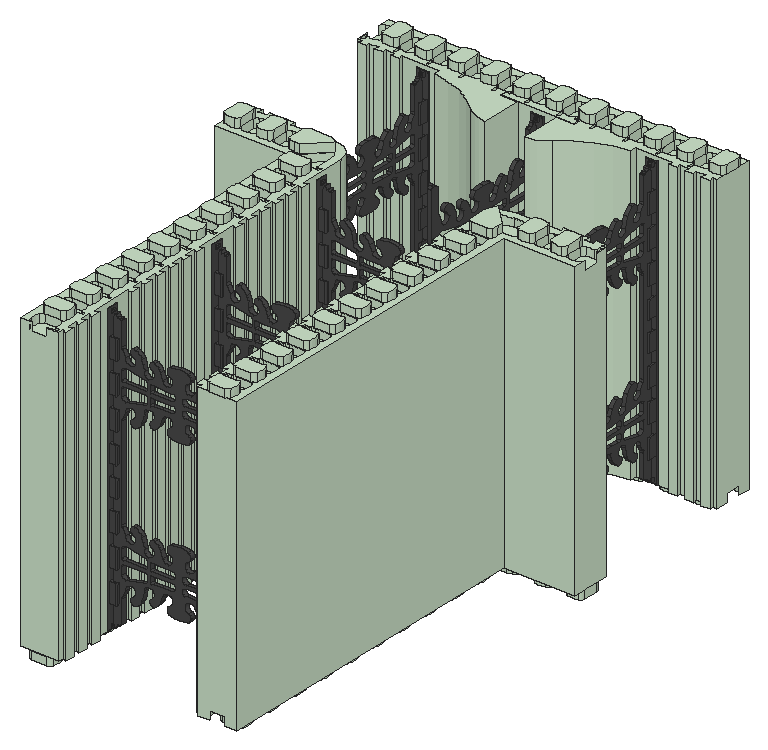
Revit family "ICF- NUDURA 8-inch- Long T Form Unit- Imperial", category Generic Models, Revit 2011
Reference planes (in)
  plane 1 "Center (Front/Back)": y = -1
  plane 2: z = 0
  plane 3 "Center (Left/Right)": x = 1
  plane 4: y = 3
  plane 5: y = -5
  plane 6: x = 5
  plane 7: x = -3
  plane 8: z = 18
Forms (in)
  Extrusion 1, solid, material "NUDURA Expanded Polystyrene Foam Insulation"
    sketch origin (0, 0, 0) x (1, 0, 0) y (0, 1, 0)
      loop
        line (-10, 5.625) -> (-10, 3.25) -> (-9.71883, 3.25) -> (-9.78117, 3) -> (-9.21883, 3) -> (-9.28117, 3.25) -> (-8.71883, 3.25) -> (-8.78117, 3) -> (-8.21883, 3) -> (-8.28117, 3.25) -> (-7.71883, 3.25) -> (-7.78117, 3) -> (-7.21883, 3) -> (-7.28117, 3.25) -> (-5, 3.25) -> (-5, 2.875)
        arc (-5, 2.875) -> (-3.12304, 2.37468) -> (-1.50918, 1.29358) r 5.91797
        arc (-1.50918, 1.29358) -> (-0.91296, 0.90605) -> (-0.21883, 0.75162) r 2
        line (-0.21883, 0.75162) -> (-0.21883, 3.25) -> (-1.25, 3.25) -> (-1.25, 3.69867) -> (-1, 3.63633) -> (-1, 4.24332) -> (-1.25, 4.17633) -> (-1.25, 4.69867) -> (-1, 4.63633) -> (-1, 5.24332) -> (-1.25, 5.17633) -> (-1.25, 5.625) -> (-10, 5.625)
      loop
        line (12, 3.25) -> (12, 5.625) -> (3.25, 5.625) -> (3.25, 5.17633) -> (3, 5.24332) -> (3, 4.63633) -> (3.25, 4.69867) -> (3.25, 4.17633) -> (3, 4.24332) -> (3, 3.63633) -> (3.25, 3.69867) -> (3.25, 3.25) -> (2.21883, 3.25) -> (2.21883, 0.75162)
        arc (2.21883, 0.75162) -> (2.91296, 0.90605) -> (3.50918, 1.29358) r 2
        arc (3.50918, 1.29358) -> (5.12304, 2.37468) -> (7, 2.875) r 5.91797
        line (7, 2.875) -> (7, 3.25) -> (9.28117, 3.25) -> (9.21883, 3) -> (9.78117, 3) -> (9.71883, 3.25) -> (10.28117, 3.25) -> (10.21883, 3) -> (10.78117, 3) -> (10.71883, 3.25) -> (11.28117, 3.25) -> (11.21883, 3) -> (11.78117, 3) -> (11.71883, 3.25) -> (12, 3.25)
      loop
        line (-3.25, -27.99998) -> (-3.25, -27.71882) -> (-3, -27.78115) -> (-3, -27.21882) -> (-3.25, -27.28115) -> (-3.25, -26.71882) -> (-3, -26.78115) -> (-3, -26.21882) -> (-3.25, -26.28115) -> (-3.25, -25.71882) -> (-3, -25.78115) -> (-3, -25.21882) -> (-3.25, -25.28115) -> (-3.25, -22.71882) -> (-3, -22.78115) -> (-3, -22.21882) -> (-3.25, -22.28115) -> (-3.25, -21.71882) -> (-3, -21.78115) -> (-3, -21.21882) -> (-3.25, -21.28115) -> (-3.25, -20.71882) -> (-3, -20.78115) -> (-3, -20.21882) -> (-3.25, -20.28115) -> (-3.25, -19.71882) -> (-3, -19.78115) -> (-3, -19.21882) -> (-3.25, -19.28115) -> (-3.25, -18.71882) -> (-3, -18.78115) -> (-3, -18.21882) -> (-3.25, -18.28115) -> (-3.25, -17.71882) -> (-3, -17.78115) -> (-3, -17.21882) -> (-3.25, -17.28115) -> (-3.25, -14.71882) -> (-3, -14.78115) -> (-3, -14.21882) -> (-3.25, -14.28115) -> (-3.25, -13.71882) -> (-3, -13.78115) -> (-3, -13.21882) -> (-3.25, -13.28115) -> (-3.25, -12.71882) -> (-3, -12.78115) -> (-3, -12.21882) -> (-3.25, -12.28115) -> (-3.25, -11.71882) -> (-3, -11.78115) -> (-3, -11.21882) -> (-3.25, -11.28115) -> (-3.25, -10.71882) -> (-3, -10.78115) -> (-3, -10.21882) -> (-3.25, -10.28115) -> (-3.25, -9.71882) -> (-3, -9.78115) -> (-3, -9.21882) -> (-3.25, -9.28115) -> (-3.25, -6.49998)
        arc (-3.25, -6.49998) -> (-3.61612, -5.6161) -> (-4.5, -5.24998) r 1.25
        line (-4.5, -5.24998) -> (-7.28117, -5.24998) -> (-7.21883, -4.99998) -> (-7.78117, -4.99998) -> (-7.71883, -5.24998) -> (-8.28117, -5.24998) -> (-8.21883, -4.99998) -> (-8.78117, -4.99998) -> (-8.71883, -5.24998) -> (-9.28117, -5.24998) -> (-9.21883, -4.99998) -> (-9.78117, -4.99998) -> (-9.71883, -5.24998) -> (-10, -5.24998) -> (-10, -7.62498) -> (-5.625, -7.62498) -> (-5.625, -27.99998) -> (-3.25, -27.99998)
      loop
        line (5.25, -27.99998) -> (7.625, -27.99998) -> (7.625, -7.62498) -> (12, -7.62498) -> (12, -5.24998) -> (11.71883, -5.24998) -> (11.78117, -4.99998) -> (11.21883, -4.99998) -> (11.28117, -5.24998) -> (10.71883, -5.24998) -> (10.78117, -4.99998) -> (10.21883, -4.99998) -> (10.28117, -5.24998) -> (9.71883, -5.24998) -> (9.78117, -4.99998) -> (9.21883, -4.99998) -> (9.28117, -5.24998) -> (6.5, -5.24998)
        arc (6.5, -5.24998) -> (5.61612, -5.6161) -> (5.25, -6.49998) r 1.25
        line (5.25, -6.49998) -> (5.25, -9.28115) -> (5, -9.21882) -> (5, -9.78115) -> (5.25, -9.71882) -> (5.25, -10.28115) -> (5, -10.21882) -> (5, -10.78115) -> (5.25, -10.71882) -> (5.25, -11.28115) -> (5, -11.21882) -> (5, -11.78115) -> (5.25, -11.71882) -> (5.25, -12.28115) -> (5, -12.21882) -> (5, -12.78115) -> (5.25, -12.71882) -> (5.25, -13.28115) -> (5, -13.21882) -> (5, -13.78115) -> (5.25, -13.71882) -> (5.25, -14.28115) -> (5, -14.21882) -> (5, -14.78115) -> (5.25, -14.71882) -> (5.25, -17.28115) -> (5, -17.21882) -> (5, -17.78115) -> (5.25, -17.71882) -> (5.25, -18.28115) -> (5, -18.21882) -> (5, -18.78115) -> (5.25, -18.71882) -> (5.25, -19.28115) -> (5, -19.21882) -> (5, -19.78115) -> (5.25, -19.71882) -> (5.25, -20.28115) -> (5, -20.21882) -> (5, -20.78115) -> (5.25, -20.71882) -> (5.25, -21.28115) -> (5, -21.21882) -> (5, -21.78115) -> (5.25, -21.71882) -> (5.25, -22.28115) -> (5, -22.21882) -> (5, -22.78115) -> (5.25, -22.71882) -> (5.25, -25.28115) -> (5, -25.21882) -> (5, -25.78115) -> (5.25, -25.71882) -> (5.25, -26.28115) -> (5, -26.21882) -> (5, -26.78115) -> (5.25, -26.71882) -> (5.25, -27.28115) -> (5, -27.21882) -> (5, -27.78115) -> (5.25, -27.71882) -> (5.25, -27.99998)
    from 0 to 18
  Extrusion 2, void
    sketch origin (0, -2, 0) x (1, 0, 0) y (0, 1, 0)
      loop
        arc (-5.13595, -25.17306) -> (-5.1875, -25.49998) -> (-5.13595, -25.8269) r 1.0625
        arc (-5.13595, -25.8269) -> (-5.04517, -25.95213) -> (-4.89808, -25.99998) r 0.25
        line (-4.89808, -25.99998) -> (-3.97692, -25.99998)
        arc (-3.97692, -25.99998) -> (-3.88568, -25.98274) -> (-3.80702, -25.93338) r 0.25
        arc (-3.80702, -25.93338) -> (-3.78736, -25.92104) -> (-3.76455, -25.91673) r 0.0625
        line (-3.76455, -25.91673) -> (-3.41845, -25.91673) -> (-3.41845, -25.7459) -> (-3.64005, -25.7459)
        arc (-3.64005, -25.7459) -> (-3.68771, -25.72383) -> (-3.70172, -25.67321) r 0.0625
        arc (-3.70172, -25.67321) -> (-3.69045, -25.4209) -> (-3.73905, -25.17306) r 1.0625
        arc (-3.73905, -25.17306) -> (-3.82983, -25.04783) -> (-3.97692, -24.99998) r 0.25
        line (-3.97692, -24.99998) -> (-4.89808, -24.99998)
        arc (-4.89808, -24.99998) -> (-5.04517, -25.04783) -> (-5.13595, -25.17306) r 0.25
    from 18 to 17.5
  Extrusion 3, void
    sketch origin (0, 0, 0) x (1, 0, 0) y (0, 1, 0)
      loop
        arc (-5.13595, -25.17306) -> (-5.1875, -25.49998) -> (-5.13595, -25.8269) r 1.0625
        arc (-5.13595, -25.8269) -> (-5.04517, -25.95213) -> (-4.89808, -25.99998) r 0.25
        line (-4.89808, -25.99998) -> (-3.97692, -25.99998)
        arc (-3.97692, -25.99998) -> (-3.88568, -25.98274) -> (-3.80702, -25.93338) r 0.25
        arc (-3.80702, -25.93338) -> (-3.78736, -25.92104) -> (-3.76455, -25.91673) r 0.0625
        line (-3.76455, -25.91673) -> (-3.41845, -25.91673) -> (-3.41845, -25.7459) -> (-3.64005, -25.7459)
        arc (-3.64005, -25.7459) -> (-3.68771, -25.72383) -> (-3.70172, -25.67321) r 0.0625
        arc (-3.70172, -25.67321) -> (-3.69045, -25.4209) -> (-3.73905, -25.17306) r 1.0625
        arc (-3.73905, -25.17306) -> (-3.82983, -25.04783) -> (-3.97692, -24.99998) r 0.25
        line (-3.97692, -24.99998) -> (-4.89808, -24.99998)
        arc (-4.89808, -24.99998) -> (-5.04517, -25.04783) -> (-5.13595, -25.17306) r 0.25
    from 18 to 17.5
  Extrusion 4, void
    sketch origin (0, 2, 0) x (1, 0, 0) y (0, 1, 0)
      loop
        arc (-5.13595, -25.17306) -> (-5.1875, -25.49998) -> (-5.13595, -25.8269) r 1.0625
        arc (-5.13595, -25.8269) -> (-5.04517, -25.95213) -> (-4.89808, -25.99998) r 0.25
        line (-4.89808, -25.99998) -> (-3.97692, -25.99998)
        arc (-3.97692, -25.99998) -> (-3.88568, -25.98274) -> (-3.80702, -25.93338) r 0.25
        arc (-3.80702, -25.93338) -> (-3.78736, -25.92104) -> (-3.76455, -25.91673) r 0.0625
        line (-3.76455, -25.91673) -> (-3.41845, -25.91673) -> (-3.41845, -25.7459) -> (-3.64005, -25.7459)
        arc (-3.64005, -25.7459) -> (-3.68771, -25.72383) -> (-3.70172, -25.67321) r 0.0625
        arc (-3.70172, -25.67321) -> (-3.69045, -25.4209) -> (-3.73905, -25.17306) r 1.0625
        arc (-3.73905, -25.17306) -> (-3.82983, -25.04783) -> (-3.97692, -24.99998) r 0.25
        line (-3.97692, -24.99998) -> (-4.89808, -24.99998)
        arc (-4.89808, -24.99998) -> (-5.04517, -25.04783) -> (-5.13595, -25.17306) r 0.25
    from 18 to 17.5
  Extrusion 5, void
    sketch origin (0, 4, 0) x (1, 0, 0) y (0, 1, 0)
      loop
        arc (-5.13595, -25.17306) -> (-5.1875, -25.49998) -> (-5.13595, -25.8269) r 1.0625
        arc (-5.13595, -25.8269) -> (-5.04517, -25.95213) -> (-4.89808, -25.99998) r 0.25
        line (-4.89808, -25.99998) -> (-3.97692, -25.99998)
        arc (-3.97692, -25.99998) -> (-3.88568, -25.98274) -> (-3.80702, -25.93338) r 0.25
        arc (-3.80702, -25.93338) -> (-3.78736, -25.92104) -> (-3.76455, -25.91673) r 0.0625
        line (-3.76455, -25.91673) -> (-3.41845, -25.91673) -> (-3.41845, -25.7459) -> (-3.64005, -25.7459)
        arc (-3.64005, -25.7459) -> (-3.68771, -25.72383) -> (-3.70172, -25.67321) r 0.0625
        arc (-3.70172, -25.67321) -> (-3.69045, -25.4209) -> (-3.73905, -25.17306) r 1.0625
        arc (-3.73905, -25.17306) -> (-3.82983, -25.04783) -> (-3.97692, -24.99998) r 0.25
        line (-3.97692, -24.99998) -> (-4.89808, -24.99998)
        arc (-4.89808, -24.99998) -> (-5.04517, -25.04783) -> (-5.13595, -25.17306) r 0.25
    from 18 to 17.5
  Extrusion 6, void
    sketch origin (0, 6, 0) x (1, 0, 0) y (0, 1, 0)
      loop
        arc (-5.13595, -25.17306) -> (-5.1875, -25.49998) -> (-5.13595, -25.8269) r 1.0625
        arc (-5.13595, -25.8269) -> (-5.04517, -25.95213) -> (-4.89808, -25.99998) r 0.25
        line (-4.89808, -25.99998) -> (-3.97692, -25.99998)
        arc (-3.97692, -25.99998) -> (-3.88568, -25.98274) -> (-3.80702, -25.93338) r 0.25
        arc (-3.80702, -25.93338) -> (-3.78736, -25.92104) -> (-3.76455, -25.91673) r 0.0625
        line (-3.76455, -25.91673) -> (-3.41845, -25.91673) -> (-3.41845, -25.7459) -> (-3.64005, -25.7459)
        arc (-3.64005, -25.7459) -> (-3.68771, -25.72383) -> (-3.70172, -25.67321) r 0.0625
        arc (-3.70172, -25.67321) -> (-3.69045, -25.4209) -> (-3.73905, -25.17306) r 1.0625
        arc (-3.73905, -25.17306) -> (-3.82983, -25.04783) -> (-3.97692, -24.99998) r 0.25
        line (-3.97692, -24.99998) -> (-4.89808, -24.99998)
        arc (-4.89808, -24.99998) -> (-5.04517, -25.04783) -> (-5.13595, -25.17306) r 0.25
    from 18 to 17.5
  Extrusion 7, void
    sketch origin (0, 8, 0) x (1, 0, 0) y (0, 1, 0)
      loop
        arc (-5.13595, -25.17306) -> (-5.1875, -25.49998) -> (-5.13595, -25.8269) r 1.0625
        arc (-5.13595, -25.8269) -> (-5.04517, -25.95213) -> (-4.89808, -25.99998) r 0.25
        line (-4.89808, -25.99998) -> (-3.97692, -25.99998)
        arc (-3.97692, -25.99998) -> (-3.88568, -25.98274) -> (-3.80702, -25.93338) r 0.25
        arc (-3.80702, -25.93338) -> (-3.78736, -25.92104) -> (-3.76455, -25.91673) r 0.0625
        line (-3.76455, -25.91673) -> (-3.41845, -25.91673) -> (-3.41845, -25.7459) -> (-3.64005, -25.7459)
        arc (-3.64005, -25.7459) -> (-3.68771, -25.72383) -> (-3.70172, -25.67321) r 0.0625
        arc (-3.70172, -25.67321) -> (-3.69045, -25.4209) -> (-3.73905, -25.17306) r 1.0625
        arc (-3.73905, -25.17306) -> (-3.82983, -25.04783) -> (-3.97692, -24.99998) r 0.25
        line (-3.97692, -24.99998) -> (-4.89808, -24.99998)
        arc (-4.89808, -24.99998) -> (-5.04517, -25.04783) -> (-5.13595, -25.17306) r 0.25
    from 18 to 17.5
  Extrusion 8, void
    sketch origin (0, 10, 0) x (1, 0, 0) y (0, 1, 0)
      loop
        arc (-5.13595, -25.17306) -> (-5.1875, -25.49998) -> (-5.13595, -25.8269) r 1.0625
        arc (-5.13595, -25.8269) -> (-5.04517, -25.95213) -> (-4.89808, -25.99998) r 0.25
        line (-4.89808, -25.99998) -> (-3.97692, -25.99998)
        arc (-3.97692, -25.99998) -> (-3.88568, -25.98274) -> (-3.80702, -25.93338) r 0.25
        arc (-3.80702, -25.93338) -> (-3.78736, -25.92104) -> (-3.76455, -25.91673) r 0.0625
        line (-3.76455, -25.91673) -> (-3.41845, -25.91673) -> (-3.41845, -25.7459) -> (-3.64005, -25.7459)
        arc (-3.64005, -25.7459) -> (-3.68771, -25.72383) -> (-3.70172, -25.67321) r 0.0625
        arc (-3.70172, -25.67321) -> (-3.69045, -25.4209) -> (-3.73905, -25.17306) r 1.0625
        arc (-3.73905, -25.17306) -> (-3.82983, -25.04783) -> (-3.97692, -24.99998) r 0.25
        line (-3.97692, -24.99998) -> (-4.89808, -24.99998)
        arc (-4.89808, -24.99998) -> (-5.04517, -25.04783) -> (-5.13595, -25.17306) r 0.25
    from 18 to 17.5
  Extrusion 9, void
    sketch origin (0, 12, 0) x (1, 0, 0) y (0, 1, 0)
      loop
        arc (-5.13595, -25.17306) -> (-5.1875, -25.49998) -> (-5.13595, -25.8269) r 1.0625
        arc (-5.13595, -25.8269) -> (-5.04517, -25.95213) -> (-4.89808, -25.99998) r 0.25
        line (-4.89808, -25.99998) -> (-3.97692, -25.99998)
        arc (-3.97692, -25.99998) -> (-3.88568, -25.98274) -> (-3.80702, -25.93338) r 0.25
        arc (-3.80702, -25.93338) -> (-3.78736, -25.92104) -> (-3.76455, -25.91673) r 0.0625
        line (-3.76455, -25.91673) -> (-3.41845, -25.91673) -> (-3.41845, -25.7459) -> (-3.64005, -25.7459)
        arc (-3.64005, -25.7459) -> (-3.68771, -25.72383) -> (-3.70172, -25.67321) r 0.0625
        arc (-3.70172, -25.67321) -> (-3.69045, -25.4209) -> (-3.73905, -25.17306) r 1.0625
        arc (-3.73905, -25.17306) -> (-3.82983, -25.04783) -> (-3.97692, -24.99998) r 0.25
        line (-3.97692, -24.99998) -> (-4.89808, -24.99998)
        arc (-4.89808, -24.99998) -> (-5.04517, -25.04783) -> (-5.13595, -25.17306) r 0.25
    from 18 to 17.5
  Extrusion 10, void
    sketch origin (0, 14, 0) x (1, 0, 0) y (0, 1, 0)
      loop
        arc (-5.13595, -25.17306) -> (-5.1875, -25.49998) -> (-5.13595, -25.8269) r 1.0625
        arc (-5.13595, -25.8269) -> (-5.04517, -25.95213) -> (-4.89808, -25.99998) r 0.25
        line (-4.89808, -25.99998) -> (-3.97692, -25.99998)
        arc (-3.97692, -25.99998) -> (-3.88568, -25.98274) -> (-3.80702, -25.93338) r 0.25
        arc (-3.80702, -25.93338) -> (-3.78736, -25.92104) -> (-3.76455, -25.91673) r 0.0625
        line (-3.76455, -25.91673) -> (-3.41845, -25.91673) -> (-3.41845, -25.7459) -> (-3.64005, -25.7459)
        arc (-3.64005, -25.7459) -> (-3.68771, -25.72383) -> (-3.70172, -25.67321) r 0.0625
        arc (-3.70172, -25.67321) -> (-3.69045, -25.4209) -> (-3.73905, -25.17306) r 1.0625
        arc (-3.73905, -25.17306) -> (-3.82983, -25.04783) -> (-3.97692, -24.99998) r 0.25
        line (-3.97692, -24.99998) -> (-4.89808, -24.99998)
        arc (-4.89808, -24.99998) -> (-5.04517, -25.04783) -> (-5.13595, -25.17306) r 0.25
    from 18 to 17.5
  Extrusion 11, void
    sketch origin (0, 16, 0) x (1, 0, 0) y (0, 1, 0)
      loop
        arc (-5.13595, -25.17306) -> (-5.1875, -25.49998) -> (-5.13595, -25.8269) r 1.0625
        arc (-5.13595, -25.8269) -> (-5.04517, -25.95213) -> (-4.89808, -25.99998) r 0.25
        line (-4.89808, -25.99998) -> (-3.97692, -25.99998)
        arc (-3.97692, -25.99998) -> (-3.88568, -25.98274) -> (-3.80702, -25.93338) r 0.25
        arc (-3.80702, -25.93338) -> (-3.78736, -25.92104) -> (-3.76455, -25.91673) r 0.0625
        line (-3.76455, -25.91673) -> (-3.41845, -25.91673) -> (-3.41845, -25.7459) -> (-3.64005, -25.7459)
        arc (-3.64005, -25.7459) -> (-3.68771, -25.72383) -> (-3.70172, -25.67321) r 0.0625
        arc (-3.70172, -25.67321) -> (-3.69045, -25.4209) -> (-3.73905, -25.17306) r 1.0625
        arc (-3.73905, -25.17306) -> (-3.82983, -25.04783) -> (-3.97692, -24.99998) r 0.25
        line (-3.97692, -24.99998) -> (-4.89808, -24.99998)
        arc (-4.89808, -24.99998) -> (-5.04517, -25.04783) -> (-5.13595, -25.17306) r 0.25
    from 18 to 17.5
  Extrusion 12, void
    sketch origin (0, -2, 0) x (1, 0, 0) y (0, 1, 0)
      loop
        line (-5.1875, -5.18748) -> (-5.1875, -5.49998)
        arc (-5.1875, -5.49998) -> (-5.17453, -5.66546) -> (-5.13595, -5.8269) r 1.0625
        arc (-5.13595, -5.8269) -> (-5.04517, -5.95213) -> (-4.89808, -5.99998) r 0.25
        line (-4.89808, -5.99998) -> (-3.97692, -5.99998)
        arc (-3.97692, -5.99998) -> (-3.88568, -5.98274) -> (-3.80702, -5.93338) r 0.25
        arc (-3.80702, -5.93338) -> (-3.78736, -5.92104) -> (-3.76455, -5.91673) r 0.0625
        line (-3.76455, -5.91673) -> (-3.41845, -5.91673) -> (-3.41845, -5.7459) -> (-3.64005, -5.7459)
        arc (-3.64005, -5.7459) -> (-3.68771, -5.72383) -> (-3.70172, -5.67321) r 0.0625
        arc (-3.70172, -5.67321) -> (-3.69106, -5.58689) -> (-3.6875, -5.49998) r 1.0625
        line (-3.6875, -5.49998) -> (-3.6875, -4.68748)
        arc (-3.6875, -4.68748) -> (-3.76362, -4.3048) -> (-3.98039, -3.98037) r 1
        line (-3.98039, -3.98037) -> (-5.1875, -5.18748)
    from 18 to 17.5
  Extrusion 13, void
    sketch origin (-31.99998, -1.99998, 0) x (0, 1, 0) y (-1, 0, 0)
      loop
        arc (-5.13595, -25.17306) -> (-5.1875, -25.49998) -> (-5.13595, -25.8269) r 1.0625
        arc (-5.13595, -25.8269) -> (-5.04517, -25.95213) -> (-4.89808, -25.99998) r 0.25
        line (-4.89808, -25.99998) -> (-3.97692, -25.99998)
        arc (-3.97692, -25.99998) -> (-3.88568, -25.98274) -> (-3.80702, -25.93338) r 0.25
        arc (-3.80702, -25.93338) -> (-3.78736, -25.92104) -> (-3.76455, -25.91673) r 0.0625
        line (-3.76455, -25.91673) -> (-3.41845, -25.91673) -> (-3.41845, -25.7459) -> (-3.64005, -25.7459)
        arc (-3.64005, -25.7459) -> (-3.68771, -25.72383) -> (-3.70172, -25.67321) r 0.0625
        arc (-3.70172, -25.67321) -> (-3.69045, -25.4209) -> (-3.73905, -25.17306) r 1.0625
        arc (-3.73905, -25.17306) -> (-3.82983, -25.04783) -> (-3.97692, -24.99998) r 0.25
        line (-3.97692, -24.99998) -> (-4.89808, -24.99998)
        arc (-4.89808, -24.99998) -> (-5.04517, -25.04783) -> (-5.13595, -25.17306) r 0.25
    from 18 to 17.5
  Extrusion 14, void
    sketch origin (-33.99998, -1.99998, 0) x (0, 1, 0) y (-1, 0, 0)
      loop
        arc (-5.13595, -25.17306) -> (-5.1875, -25.49998) -> (-5.13595, -25.8269) r 1.0625
        arc (-5.13595, -25.8269) -> (-5.04517, -25.95213) -> (-4.89808, -25.99998) r 0.25
        line (-4.89808, -25.99998) -> (-3.97692, -25.99998)
        arc (-3.97692, -25.99998) -> (-3.88568, -25.98274) -> (-3.80702, -25.93338) r 0.25
        arc (-3.80702, -25.93338) -> (-3.78736, -25.92104) -> (-3.76455, -25.91673) r 0.0625
        line (-3.76455, -25.91673) -> (-3.41845, -25.91673) -> (-3.41845, -25.7459) -> (-3.64005, -25.7459)
        arc (-3.64005, -25.7459) -> (-3.68771, -25.72383) -> (-3.70172, -25.67321) r 0.0625
        arc (-3.70172, -25.67321) -> (-3.69045, -25.4209) -> (-3.73905, -25.17306) r 1.0625
        arc (-3.73905, -25.17306) -> (-3.82983, -25.04783) -> (-3.97692, -24.99998) r 0.25
        line (-3.97692, -24.99998) -> (-4.89808, -24.99998)
        arc (-4.89808, -24.99998) -> (-5.04517, -25.04783) -> (-5.13595, -25.17306) r 0.25
    from 18 to 17.5
  Extrusion 15, void
    sketch origin (0, -51.99996, 0) x (1, 0, 0) y (0, 1, 0)
      loop
        arc (-5.13595, 25.17306) -> (-5.04517, 25.04783) -> (-4.89808, 24.99998) r 0.25
        line (-4.89808, 24.99998) -> (-3.97692, 24.99998)
        arc (-3.97692, 24.99998) -> (-3.82983, 25.04783) -> (-3.73905, 25.17306) r 0.25
        arc (-3.73905, 25.17306) -> (-3.69045, 25.4209) -> (-3.70172, 25.67321) r 1.0625
        arc (-3.70172, 25.67321) -> (-3.68771, 25.72383) -> (-3.64005, 25.7459) r 0.0625
        line (-3.64005, 25.7459) -> (-3.41845, 25.7459) -> (-3.41845, 25.91673) -> (-3.76455, 25.91673)
        arc (-3.76455, 25.91673) -> (-3.78736, 25.92104) -> (-3.80702, 25.93338) r 0.0625
        arc (-3.80702, 25.93338) -> (-3.88568, 25.98274) -> (-3.97692, 25.99998) r 0.25
        line (-3.97692, 25.99998) -> (-4.89808, 25.99998)
        arc (-4.89808, 25.99998) -> (-5.04517, 25.95213) -> (-5.13595, 25.8269) r 0.25
        arc (-5.13595, 25.8269) -> (-5.1875, 25.49998) -> (-5.13595, 25.17306) r 1.0625
    from 0 to 0.5
  Extrusion 16, void
    sketch origin (0, -49.99996, 0) x (1, 0, 0) y (0, 1, 0)
      loop
        arc (-5.13595, 25.17306) -> (-5.04517, 25.04783) -> (-4.89808, 24.99998) r 0.25
        line (-4.89808, 24.99998) -> (-3.97692, 24.99998)
        arc (-3.97692, 24.99998) -> (-3.82983, 25.04783) -> (-3.73905, 25.17306) r 0.25
        arc (-3.73905, 25.17306) -> (-3.69045, 25.4209) -> (-3.70172, 25.67321) r 1.0625
        arc (-3.70172, 25.67321) -> (-3.68771, 25.72383) -> (-3.64005, 25.7459) r 0.0625
        line (-3.64005, 25.7459) -> (-3.41845, 25.7459) -> (-3.41845, 25.91673) -> (-3.76455, 25.91673)
        arc (-3.76455, 25.91673) -> (-3.78736, 25.92104) -> (-3.80702, 25.93338) r 0.0625
        arc (-3.80702, 25.93338) -> (-3.88568, 25.98274) -> (-3.97692, 25.99998) r 0.25
        line (-3.97692, 25.99998) -> (-4.89808, 25.99998)
        arc (-4.89808, 25.99998) -> (-5.04517, 25.95213) -> (-5.13595, 25.8269) r 0.25
        arc (-5.13595, 25.8269) -> (-5.1875, 25.49998) -> (-5.13595, 25.17306) r 1.0625
    from 0 to 0.5
  Extrusion 17, void
    sketch origin (0, -47.99996, 0) x (1, 0, 0) y (0, 1, 0)
      loop
        arc (-5.13595, 25.17306) -> (-5.04517, 25.04783) -> (-4.89808, 24.99998) r 0.25
        line (-4.89808, 24.99998) -> (-3.97692, 24.99998)
        arc (-3.97692, 24.99998) -> (-3.82983, 25.04783) -> (-3.73905, 25.17306) r 0.25
        arc (-3.73905, 25.17306) -> (-3.69045, 25.4209) -> (-3.70172, 25.67321) r 1.0625
        arc (-3.70172, 25.67321) -> (-3.68771, 25.72383) -> (-3.64005, 25.7459) r 0.0625
        line (-3.64005, 25.7459) -> (-3.41845, 25.7459) -> (-3.41845, 25.91673) -> (-3.76455, 25.91673)
        arc (-3.76455, 25.91673) -> (-3.78736, 25.92104) -> (-3.80702, 25.93338) r 0.0625
        arc (-3.80702, 25.93338) -> (-3.88568, 25.98274) -> (-3.97692, 25.99998) r 0.25
        line (-3.97692, 25.99998) -> (-4.89808, 25.99998)
        arc (-4.89808, 25.99998) -> (-5.04517, 25.95213) -> (-5.13595, 25.8269) r 0.25
        arc (-5.13595, 25.8269) -> (-5.1875, 25.49998) -> (-5.13595, 25.17306) r 1.0625
    from 0 to 0.5
  Extrusion 18, void
    sketch origin (0, -45.99996, 0) x (1, 0, 0) y (0, 1, 0)
      loop
        arc (-5.13595, 25.17306) -> (-5.04517, 25.04783) -> (-4.89808, 24.99998) r 0.25
        line (-4.89808, 24.99998) -> (-3.97692, 24.99998)
        arc (-3.97692, 24.99998) -> (-3.82983, 25.04783) -> (-3.73905, 25.17306) r 0.25
        arc (-3.73905, 25.17306) -> (-3.69045, 25.4209) -> (-3.70172, 25.67321) r 1.0625
        arc (-3.70172, 25.67321) -> (-3.68771, 25.72383) -> (-3.64005, 25.7459) r 0.0625
        line (-3.64005, 25.7459) -> (-3.41845, 25.7459) -> (-3.41845, 25.91673) -> (-3.76455, 25.91673)
        arc (-3.76455, 25.91673) -> (-3.78736, 25.92104) -> (-3.80702, 25.93338) r 0.0625
        arc (-3.80702, 25.93338) -> (-3.88568, 25.98274) -> (-3.97692, 25.99998) r 0.25
        line (-3.97692, 25.99998) -> (-4.89808, 25.99998)
        arc (-4.89808, 25.99998) -> (-5.04517, 25.95213) -> (-5.13595, 25.8269) r 0.25
        arc (-5.13595, 25.8269) -> (-5.1875, 25.49998) -> (-5.13595, 25.17306) r 1.0625
    from 0 to 0.5
  Extrusion 19, void
    sketch origin (0, -43.99996, 0) x (1, 0, 0) y (0, 1, 0)
      loop
        arc (-5.13595, 25.17306) -> (-5.04517, 25.04783) -> (-4.89808, 24.99998) r 0.25
        line (-4.89808, 24.99998) -> (-3.97692, 24.99998)
        arc (-3.97692, 24.99998) -> (-3.82983, 25.04783) -> (-3.73905, 25.17306) r 0.25
        arc (-3.73905, 25.17306) -> (-3.69045, 25.4209) -> (-3.70172, 25.67321) r 1.0625
        arc (-3.70172, 25.67321) -> (-3.68771, 25.72383) -> (-3.64005, 25.7459) r 0.0625
        line (-3.64005, 25.7459) -> (-3.41845, 25.7459) -> (-3.41845, 25.91673) -> (-3.76455, 25.91673)
        arc (-3.76455, 25.91673) -> (-3.78736, 25.92104) -> (-3.80702, 25.93338) r 0.0625
        arc (-3.80702, 25.93338) -> (-3.88568, 25.98274) -> (-3.97692, 25.99998) r 0.25
        line (-3.97692, 25.99998) -> (-4.89808, 25.99998)
        arc (-4.89808, 25.99998) -> (-5.04517, 25.95213) -> (-5.13595, 25.8269) r 0.25
        arc (-5.13595, 25.8269) -> (-5.1875, 25.49998) -> (-5.13595, 25.17306) r 1.0625
    from 0 to 0.5
  Extrusion 20, void
    sketch origin (0, -41.99996, 0) x (1, 0, 0) y (0, 1, 0)
      loop
        arc (-5.13595, 25.17306) -> (-5.04517, 25.04783) -> (-4.89808, 24.99998) r 0.25
        line (-4.89808, 24.99998) -> (-3.97692, 24.99998)
        arc (-3.97692, 24.99998) -> (-3.82983, 25.04783) -> (-3.73905, 25.17306) r 0.25
        arc (-3.73905, 25.17306) -> (-3.69045, 25.4209) -> (-3.70172, 25.67321) r 1.0625
        arc (-3.70172, 25.67321) -> (-3.68771, 25.72383) -> (-3.64005, 25.7459) r 0.0625
        line (-3.64005, 25.7459) -> (-3.41845, 25.7459) -> (-3.41845, 25.91673) -> (-3.76455, 25.91673)
        arc (-3.76455, 25.91673) -> (-3.78736, 25.92104) -> (-3.80702, 25.93338) r 0.0625
        arc (-3.80702, 25.93338) -> (-3.88568, 25.98274) -> (-3.97692, 25.99998) r 0.25
        line (-3.97692, 25.99998) -> (-4.89808, 25.99998)
        arc (-4.89808, 25.99998) -> (-5.04517, 25.95213) -> (-5.13595, 25.8269) r 0.25
        arc (-5.13595, 25.8269) -> (-5.1875, 25.49998) -> (-5.13595, 25.17306) r 1.0625
    from 0 to 0.5
  Extrusion 21, void
    sketch origin (0, -39.99996, 0) x (1, 0, 0) y (0, 1, 0)
      loop
        arc (-5.13595, 25.17306) -> (-5.04517, 25.04783) -> (-4.89808, 24.99998) r 0.25
        line (-4.89808, 24.99998) -> (-3.97692, 24.99998)
        arc (-3.97692, 24.99998) -> (-3.82983, 25.04783) -> (-3.73905, 25.17306) r 0.25
        arc (-3.73905, 25.17306) -> (-3.69045, 25.4209) -> (-3.70172, 25.67321) r 1.0625
        arc (-3.70172, 25.67321) -> (-3.68771, 25.72383) -> (-3.64005, 25.7459) r 0.0625
        line (-3.64005, 25.7459) -> (-3.41845, 25.7459) -> (-3.41845, 25.91673) -> (-3.76455, 25.91673)
        arc (-3.76455, 25.91673) -> (-3.78736, 25.92104) -> (-3.80702, 25.93338) r 0.0625
        arc (-3.80702, 25.93338) -> (-3.88568, 25.98274) -> (-3.97692, 25.99998) r 0.25
        line (-3.97692, 25.99998) -> (-4.89808, 25.99998)
        arc (-4.89808, 25.99998) -> (-5.04517, 25.95213) -> (-5.13595, 25.8269) r 0.25
        arc (-5.13595, 25.8269) -> (-5.1875, 25.49998) -> (-5.13595, 25.17306) r 1.0625
    from 0 to 0.5
  Extrusion 22, void
    sketch origin (0, -37.99996, 0) x (1, 0, 0) y (0, 1, 0)
      loop
        arc (-5.13595, 25.17306) -> (-5.04517, 25.04783) -> (-4.89808, 24.99998) r 0.25
        line (-4.89808, 24.99998) -> (-3.97692, 24.99998)
        arc (-3.97692, 24.99998) -> (-3.82983, 25.04783) -> (-3.73905, 25.17306) r 0.25
        arc (-3.73905, 25.17306) -> (-3.69045, 25.4209) -> (-3.70172, 25.67321) r 1.0625
        arc (-3.70172, 25.67321) -> (-3.68771, 25.72383) -> (-3.64005, 25.7459) r 0.0625
        line (-3.64005, 25.7459) -> (-3.41845, 25.7459) -> (-3.41845, 25.91673) -> (-3.76455, 25.91673)
        arc (-3.76455, 25.91673) -> (-3.78736, 25.92104) -> (-3.80702, 25.93338) r 0.0625
        arc (-3.80702, 25.93338) -> (-3.88568, 25.98274) -> (-3.97692, 25.99998) r 0.25
        line (-3.97692, 25.99998) -> (-4.89808, 25.99998)
        arc (-4.89808, 25.99998) -> (-5.04517, 25.95213) -> (-5.13595, 25.8269) r 0.25
        arc (-5.13595, 25.8269) -> (-5.1875, 25.49998) -> (-5.13595, 25.17306) r 1.0625
    from 0 to 0.5
  Extrusion 23, void
    sketch origin (0, -35.99996, 0) x (1, 0, 0) y (0, 1, 0)
      loop
        arc (-5.13595, 25.17306) -> (-5.04517, 25.04783) -> (-4.89808, 24.99998) r 0.25
        line (-4.89808, 24.99998) -> (-3.97692, 24.99998)
        arc (-3.97692, 24.99998) -> (-3.82983, 25.04783) -> (-3.73905, 25.17306) r 0.25
        arc (-3.73905, 25.17306) -> (-3.69045, 25.4209) -> (-3.70172, 25.67321) r 1.0625
        arc (-3.70172, 25.67321) -> (-3.68771, 25.72383) -> (-3.64005, 25.7459) r 0.0625
        line (-3.64005, 25.7459) -> (-3.41845, 25.7459) -> (-3.41845, 25.91673) -> (-3.76455, 25.91673)
        arc (-3.76455, 25.91673) -> (-3.78736, 25.92104) -> (-3.80702, 25.93338) r 0.0625
        arc (-3.80702, 25.93338) -> (-3.88568, 25.98274) -> (-3.97692, 25.99998) r 0.25
        line (-3.97692, 25.99998) -> (-4.89808, 25.99998)
        arc (-4.89808, 25.99998) -> (-5.04517, 25.95213) -> (-5.13595, 25.8269) r 0.25
        arc (-5.13595, 25.8269) -> (-5.1875, 25.49998) -> (-5.13595, 25.17306) r 1.0625
    from 0 to 0.5
  Extrusion 24, void
    sketch origin (0, -33.99996, 0) x (1, 0, 0) y (0, 1, 0)
      loop
        arc (-5.13595, 25.17306) -> (-5.04517, 25.04783) -> (-4.89808, 24.99998) r 0.25
        line (-4.89808, 24.99998) -> (-3.97692, 24.99998)
        arc (-3.97692, 24.99998) -> (-3.82983, 25.04783) -> (-3.73905, 25.17306) r 0.25
        arc (-3.73905, 25.17306) -> (-3.69045, 25.4209) -> (-3.70172, 25.67321) r 1.0625
        arc (-3.70172, 25.67321) -> (-3.68771, 25.72383) -> (-3.64005, 25.7459) r 0.0625
        line (-3.64005, 25.7459) -> (-3.41845, 25.7459) -> (-3.41845, 25.91673) -> (-3.76455, 25.91673)
        arc (-3.76455, 25.91673) -> (-3.78736, 25.92104) -> (-3.80702, 25.93338) r 0.0625
        arc (-3.80702, 25.93338) -> (-3.88568, 25.98274) -> (-3.97692, 25.99998) r 0.25
        line (-3.97692, 25.99998) -> (-4.89808, 25.99998)
        arc (-4.89808, 25.99998) -> (-5.04517, 25.95213) -> (-5.13595, 25.8269) r 0.25
        arc (-5.13595, 25.8269) -> (-5.1875, 25.49998) -> (-5.13595, 25.17306) r 1.0625
    from 0 to 0.5
  Extrusion 25, void
    sketch origin (-0.00002, -1.99998, 0) x (0, 1, 0) y (-1, 0, 0)
      loop
        line (-5.1875, 5.18748) -> (-3.98039, 3.98037)
        arc (-3.98039, 3.98037) -> (-3.76362, 4.3048) -> (-3.6875, 4.68748) r 1
        line (-3.6875, 4.68748) -> (-3.6875, 5.49998)
        arc (-3.6875, 5.49998) -> (-3.69106, 5.58689) -> (-3.70172, 5.67321) r 1.0625
        arc (-3.70172, 5.67321) -> (-3.68771, 5.72383) -> (-3.64005, 5.7459) r 0.0625
        line (-3.64005, 5.7459) -> (-3.41845, 5.7459) -> (-3.41845, 5.91673) -> (-3.76455, 5.91673)
        arc (-3.76455, 5.91673) -> (-3.78736, 5.92104) -> (-3.80702, 5.93338) r 0.0625
        arc (-3.80702, 5.93338) -> (-3.88568, 5.98274) -> (-3.97692, 5.99998) r 0.25
        line (-3.97692, 5.99998) -> (-4.89808, 5.99998)
        arc (-4.89808, 5.99998) -> (-5.04517, 5.95213) -> (-5.13595, 5.8269) r 0.25
        arc (-5.13595, 5.8269) -> (-5.17453, 5.66546) -> (-5.1875, 5.49998) r 1.0625
        line (-5.1875, 5.49998) -> (-5.1875, 5.18748)
    from 0 to 0.5
  Extrusion 26, void
    sketch origin (17.99998, -1.99998, 0) x (0, 1, 0) y (-1, 0, 0)
      loop
        arc (-5.13595, 25.17306) -> (-5.04517, 25.04783) -> (-4.89808, 24.99998) r 0.25
        line (-4.89808, 24.99998) -> (-3.97692, 24.99998)
        arc (-3.97692, 24.99998) -> (-3.82983, 25.04783) -> (-3.73905, 25.17306) r 0.25
        arc (-3.73905, 25.17306) -> (-3.69045, 25.4209) -> (-3.70172, 25.67321) r 1.0625
        arc (-3.70172, 25.67321) -> (-3.68771, 25.72383) -> (-3.64005, 25.7459) r 0.0625
        line (-3.64005, 25.7459) -> (-3.41845, 25.7459) -> (-3.41845, 25.91673) -> (-3.76455, 25.91673)
        arc (-3.76455, 25.91673) -> (-3.78736, 25.92104) -> (-3.80702, 25.93338) r 0.0625
        arc (-3.80702, 25.93338) -> (-3.88568, 25.98274) -> (-3.97692, 25.99998) r 0.25
        line (-3.97692, 25.99998) -> (-4.89808, 25.99998)
        arc (-4.89808, 25.99998) -> (-5.04517, 25.95213) -> (-5.13595, 25.8269) r 0.25
        arc (-5.13595, 25.8269) -> (-5.1875, 25.49998) -> (-5.13595, 25.17306) r 1.0625
    from 0 to 0.5
  Extrusion 27, void
    sketch origin (15.99998, -1.99998, 0) x (0, 1, 0) y (-1, 0, 0)
      loop
        arc (-5.13595, 25.17306) -> (-5.04517, 25.04783) -> (-4.89808, 24.99998) r 0.25
        line (-4.89808, 24.99998) -> (-3.97692, 24.99998)
        arc (-3.97692, 24.99998) -> (-3.82983, 25.04783) -> (-3.73905, 25.17306) r 0.25
        arc (-3.73905, 25.17306) -> (-3.69045, 25.4209) -> (-3.70172, 25.67321) r 1.0625
        arc (-3.70172, 25.67321) -> (-3.68771, 25.72383) -> (-3.64005, 25.7459) r 0.0625
        line (-3.64005, 25.7459) -> (-3.41845, 25.7459) -> (-3.41845, 25.91673) -> (-3.76455, 25.91673)
        arc (-3.76455, 25.91673) -> (-3.78736, 25.92104) -> (-3.80702, 25.93338) r 0.0625
        arc (-3.80702, 25.93338) -> (-3.88568, 25.98274) -> (-3.97692, 25.99998) r 0.25
        line (-3.97692, 25.99998) -> (-4.89808, 25.99998)
        arc (-4.89808, 25.99998) -> (-5.04517, 25.95213) -> (-5.13595, 25.8269) r 0.25
        arc (-5.13595, 25.8269) -> (-5.1875, 25.49998) -> (-5.13595, 25.17306) r 1.0625
    from 0 to 0.5
  Extrusion 28, void
    sketch origin (2, -51.99996, 0) x (-1, 0, 0) y (0, -1, 0)
      loop
        arc (-5.13595, -25.17306) -> (-5.1875, -25.49998) -> (-5.13595, -25.8269) r 1.0625
        arc (-5.13595, -25.8269) -> (-5.04517, -25.95213) -> (-4.89808, -25.99998) r 0.25
        line (-4.89808, -25.99998) -> (-3.97692, -25.99998)
        arc (-3.97692, -25.99998) -> (-3.88568, -25.98274) -> (-3.80702, -25.93338) r 0.25
        arc (-3.80702, -25.93338) -> (-3.78736, -25.92104) -> (-3.76455, -25.91673) r 0.0625
        line (-3.76455, -25.91673) -> (-3.41845, -25.91673) -> (-3.41845, -25.7459) -> (-3.64005, -25.7459)
        arc (-3.64005, -25.7459) -> (-3.68771, -25.72383) -> (-3.70172, -25.67321) r 0.0625
        arc (-3.70172, -25.67321) -> (-3.69045, -25.4209) -> (-3.73905, -25.17306) r 1.0625
        arc (-3.73905, -25.17306) -> (-3.82983, -25.04783) -> (-3.97692, -24.99998) r 0.25
        line (-3.97692, -24.99998) -> (-4.89808, -24.99998)
        arc (-4.89808, -24.99998) -> (-5.04517, -25.04783) -> (-5.13595, -25.17306) r 0.25
    from 18 to 17.5
  Extrusion 29, void
    sketch origin (2, -49.99996, 0) x (-1, 0, 0) y (0, -1, 0)
      loop
        arc (-5.13595, -25.17306) -> (-5.1875, -25.49998) -> (-5.13595, -25.8269) r 1.0625
        arc (-5.13595, -25.8269) -> (-5.04517, -25.95213) -> (-4.89808, -25.99998) r 0.25
        line (-4.89808, -25.99998) -> (-3.97692, -25.99998)
        arc (-3.97692, -25.99998) -> (-3.88568, -25.98274) -> (-3.80702, -25.93338) r 0.25
        arc (-3.80702, -25.93338) -> (-3.78736, -25.92104) -> (-3.76455, -25.91673) r 0.0625
        line (-3.76455, -25.91673) -> (-3.41845, -25.91673) -> (-3.41845, -25.7459) -> (-3.64005, -25.7459)
        arc (-3.64005, -25.7459) -> (-3.68771, -25.72383) -> (-3.70172, -25.67321) r 0.0625
        arc (-3.70172, -25.67321) -> (-3.69045, -25.4209) -> (-3.73905, -25.17306) r 1.0625
        arc (-3.73905, -25.17306) -> (-3.82983, -25.04783) -> (-3.97692, -24.99998) r 0.25
        line (-3.97692, -24.99998) -> (-4.89808, -24.99998)
        arc (-4.89808, -24.99998) -> (-5.04517, -25.04783) -> (-5.13595, -25.17306) r 0.25
    from 18 to 17.5
  Extrusion 30, void
    sketch origin (2, -47.99996, 0) x (-1, 0, 0) y (0, -1, 0)
      loop
        arc (-5.13595, -25.17306) -> (-5.1875, -25.49998) -> (-5.13595, -25.8269) r 1.0625
        arc (-5.13595, -25.8269) -> (-5.04517, -25.95213) -> (-4.89808, -25.99998) r 0.25
        line (-4.89808, -25.99998) -> (-3.97692, -25.99998)
        arc (-3.97692, -25.99998) -> (-3.88568, -25.98274) -> (-3.80702, -25.93338) r 0.25
        arc (-3.80702, -25.93338) -> (-3.78736, -25.92104) -> (-3.76455, -25.91673) r 0.0625
        line (-3.76455, -25.91673) -> (-3.41845, -25.91673) -> (-3.41845, -25.7459) -> (-3.64005, -25.7459)
        arc (-3.64005, -25.7459) -> (-3.68771, -25.72383) -> (-3.70172, -25.67321) r 0.0625
        arc (-3.70172, -25.67321) -> (-3.69045, -25.4209) -> (-3.73905, -25.17306) r 1.0625
        arc (-3.73905, -25.17306) -> (-3.82983, -25.04783) -> (-3.97692, -24.99998) r 0.25
        line (-3.97692, -24.99998) -> (-4.89808, -24.99998)
        arc (-4.89808, -24.99998) -> (-5.04517, -25.04783) -> (-5.13595, -25.17306) r 0.25
    from 18 to 17.5
  Extrusion 31, void
    sketch origin (2, -45.99996, 0) x (-1, 0, 0) y (0, -1, 0)
      loop
        arc (-5.13595, -25.17306) -> (-5.1875, -25.49998) -> (-5.13595, -25.8269) r 1.0625
        arc (-5.13595, -25.8269) -> (-5.04517, -25.95213) -> (-4.89808, -25.99998) r 0.25
        line (-4.89808, -25.99998) -> (-3.97692, -25.99998)
        arc (-3.97692, -25.99998) -> (-3.88568, -25.98274) -> (-3.80702, -25.93338) r 0.25
        arc (-3.80702, -25.93338) -> (-3.78736, -25.92104) -> (-3.76455, -25.91673) r 0.0625
        line (-3.76455, -25.91673) -> (-3.41845, -25.91673) -> (-3.41845, -25.7459) -> (-3.64005, -25.7459)
        arc (-3.64005, -25.7459) -> (-3.68771, -25.72383) -> (-3.70172, -25.67321) r 0.0625
        arc (-3.70172, -25.67321) -> (-3.69045, -25.4209) -> (-3.73905, -25.17306) r 1.0625
        arc (-3.73905, -25.17306) -> (-3.82983, -25.04783) -> (-3.97692, -24.99998) r 0.25
        line (-3.97692, -24.99998) -> (-4.89808, -24.99998)
        arc (-4.89808, -24.99998) -> (-5.04517, -25.04783) -> (-5.13595, -25.17306) r 0.25
    from 18 to 17.5
  Extrusion 32, void
    sketch origin (2, -43.99996, 0) x (-1, 0, 0) y (0, -1, 0)
      loop
        arc (-5.13595, -25.17306) -> (-5.1875, -25.49998) -> (-5.13595, -25.8269) r 1.0625
        arc (-5.13595, -25.8269) -> (-5.04517, -25.95213) -> (-4.89808, -25.99998) r 0.25
        line (-4.89808, -25.99998) -> (-3.97692, -25.99998)
        arc (-3.97692, -25.99998) -> (-3.88568, -25.98274) -> (-3.80702, -25.93338) r 0.25
        arc (-3.80702, -25.93338) -> (-3.78736, -25.92104) -> (-3.76455, -25.91673) r 0.0625
        line (-3.76455, -25.91673) -> (-3.41845, -25.91673) -> (-3.41845, -25.7459) -> (-3.64005, -25.7459)
        arc (-3.64005, -25.7459) -> (-3.68771, -25.72383) -> (-3.70172, -25.67321) r 0.0625
        arc (-3.70172, -25.67321) -> (-3.69045, -25.4209) -> (-3.73905, -25.17306) r 1.0625
        arc (-3.73905, -25.17306) -> (-3.82983, -25.04783) -> (-3.97692, -24.99998) r 0.25
        line (-3.97692, -24.99998) -> (-4.89808, -24.99998)
        arc (-4.89808, -24.99998) -> (-5.04517, -25.04783) -> (-5.13595, -25.17306) r 0.25
    from 18 to 17.5
  Extrusion 33, void
    sketch origin (2, -41.99996, 0) x (-1, 0, 0) y (0, -1, 0)
      loop
        arc (-5.13595, -25.17306) -> (-5.1875, -25.49998) -> (-5.13595, -25.8269) r 1.0625
        arc (-5.13595, -25.8269) -> (-5.04517, -25.95213) -> (-4.89808, -25.99998) r 0.25
        line (-4.89808, -25.99998) -> (-3.97692, -25.99998)
        arc (-3.97692, -25.99998) -> (-3.88568, -25.98274) -> (-3.80702, -25.93338) r 0.25
        arc (-3.80702, -25.93338) -> (-3.78736, -25.92104) -> (-3.76455, -25.91673) r 0.0625
        line (-3.76455, -25.91673) -> (-3.41845, -25.91673) -> (-3.41845, -25.7459) -> (-3.64005, -25.7459)
        arc (-3.64005, -25.7459) -> (-3.68771, -25.72383) -> (-3.70172, -25.67321) r 0.0625
        arc (-3.70172, -25.67321) -> (-3.69045, -25.4209) -> (-3.73905, -25.17306) r 1.0625
        arc (-3.73905, -25.17306) -> (-3.82983, -25.04783) -> (-3.97692, -24.99998) r 0.25
        line (-3.97692, -24.99998) -> (-4.89808, -24.99998)
        arc (-4.89808, -24.99998) -> (-5.04517, -25.04783) -> (-5.13595, -25.17306) r 0.25
    from 18 to 17.5
  Extrusion 34, void
    sketch origin (2, -39.99996, 0) x (-1, 0, 0) y (0, -1, 0)
      loop
        arc (-5.13595, -25.17306) -> (-5.1875, -25.49998) -> (-5.13595, -25.8269) r 1.0625
        arc (-5.13595, -25.8269) -> (-5.04517, -25.95213) -> (-4.89808, -25.99998) r 0.25
        line (-4.89808, -25.99998) -> (-3.97692, -25.99998)
        arc (-3.97692, -25.99998) -> (-3.88568, -25.98274) -> (-3.80702, -25.93338) r 0.25
        arc (-3.80702, -25.93338) -> (-3.78736, -25.92104) -> (-3.76455, -25.91673) r 0.0625
        line (-3.76455, -25.91673) -> (-3.41845, -25.91673) -> (-3.41845, -25.7459) -> (-3.64005, -25.7459)
        arc (-3.64005, -25.7459) -> (-3.68771, -25.72383) -> (-3.70172, -25.67321) r 0.0625
        arc (-3.70172, -25.67321) -> (-3.69045, -25.4209) -> (-3.73905, -25.17306) r 1.0625
        arc (-3.73905, -25.17306) -> (-3.82983, -25.04783) -> (-3.97692, -24.99998) r 0.25
        line (-3.97692, -24.99998) -> (-4.89808, -24.99998)
        arc (-4.89808, -24.99998) -> (-5.04517, -25.04783) -> (-5.13595, -25.17306) r 0.25
    from 18 to 17.5
  Extrusion 35, void
    sketch origin (2, -37.99996, 0) x (-1, 0, 0) y (0, -1, 0)
      loop
        arc (-5.13595, -25.17306) -> (-5.1875, -25.49998) -> (-5.13595, -25.8269) r 1.0625
        arc (-5.13595, -25.8269) -> (-5.04517, -25.95213) -> (-4.89808, -25.99998) r 0.25
        line (-4.89808, -25.99998) -> (-3.97692, -25.99998)
        arc (-3.97692, -25.99998) -> (-3.88568, -25.98274) -> (-3.80702, -25.93338) r 0.25
        arc (-3.80702, -25.93338) -> (-3.78736, -25.92104) -> (-3.76455, -25.91673) r 0.0625
        line (-3.76455, -25.91673) -> (-3.41845, -25.91673) -> (-3.41845, -25.7459) -> (-3.64005, -25.7459)
        arc (-3.64005, -25.7459) -> (-3.68771, -25.72383) -> (-3.70172, -25.67321) r 0.0625
        arc (-3.70172, -25.67321) -> (-3.69045, -25.4209) -> (-3.73905, -25.17306) r 1.0625
        arc (-3.73905, -25.17306) -> (-3.82983, -25.04783) -> (-3.97692, -24.99998) r 0.25
        line (-3.97692, -24.99998) -> (-4.89808, -24.99998)
        arc (-4.89808, -24.99998) -> (-5.04517, -25.04783) -> (-5.13595, -25.17306) r 0.25
    from 18 to 17.5
  Extrusion 36, void
    sketch origin (2, -35.99996, 0) x (-1, 0, 0) y (0, -1, 0)
      loop
        arc (-5.13595, -25.17306) -> (-5.1875, -25.49998) -> (-5.13595, -25.8269) r 1.0625
        arc (-5.13595, -25.8269) -> (-5.04517, -25.95213) -> (-4.89808, -25.99998) r 0.25
        line (-4.89808, -25.99998) -> (-3.97692, -25.99998)
        arc (-3.97692, -25.99998) -> (-3.88568, -25.98274) -> (-3.80702, -25.93338) r 0.25
        arc (-3.80702, -25.93338) -> (-3.78736, -25.92104) -> (-3.76455, -25.91673) r 0.0625
        line (-3.76455, -25.91673) -> (-3.41845, -25.91673) -> (-3.41845, -25.7459) -> (-3.64005, -25.7459)
        arc (-3.64005, -25.7459) -> (-3.68771, -25.72383) -> (-3.70172, -25.67321) r 0.0625
        arc (-3.70172, -25.67321) -> (-3.69045, -25.4209) -> (-3.73905, -25.17306) r 1.0625
        arc (-3.73905, -25.17306) -> (-3.82983, -25.04783) -> (-3.97692, -24.99998) r 0.25
        line (-3.97692, -24.99998) -> (-4.89808, -24.99998)
        arc (-4.89808, -24.99998) -> (-5.04517, -25.04783) -> (-5.13595, -25.17306) r 0.25
    from 18 to 17.5
  Extrusion 37, void
    sketch origin (2, -33.99996, 0) x (-1, 0, 0) y (0, -1, 0)
      loop
        arc (-5.13595, -25.17306) -> (-5.1875, -25.49998) -> (-5.13595, -25.8269) r 1.0625
        arc (-5.13595, -25.8269) -> (-5.04517, -25.95213) -> (-4.89808, -25.99998) r 0.25
        line (-4.89808, -25.99998) -> (-3.97692, -25.99998)
        arc (-3.97692, -25.99998) -> (-3.88568, -25.98274) -> (-3.80702, -25.93338) r 0.25
        arc (-3.80702, -25.93338) -> (-3.78736, -25.92104) -> (-3.76455, -25.91673) r 0.0625
        line (-3.76455, -25.91673) -> (-3.41845, -25.91673) -> (-3.41845, -25.7459) -> (-3.64005, -25.7459)
        arc (-3.64005, -25.7459) -> (-3.68771, -25.72383) -> (-3.70172, -25.67321) r 0.0625
        arc (-3.70172, -25.67321) -> (-3.69045, -25.4209) -> (-3.73905, -25.17306) r 1.0625
        arc (-3.73905, -25.17306) -> (-3.82983, -25.04783) -> (-3.97692, -24.99998) r 0.25
        line (-3.97692, -24.99998) -> (-4.89808, -24.99998)
        arc (-4.89808, -24.99998) -> (-5.04517, -25.04783) -> (-5.13595, -25.17306) r 0.25
    from 18 to 17.5
  Extrusion 38, void
    sketch origin (-15.99998, -1.99998, 0) x (0, 1, 0) y (-1, 0, 0)
      loop
        arc (-5.13595, -25.17306) -> (-5.1875, -25.49998) -> (-5.13595, -25.8269) r 1.0625
        arc (-5.13595, -25.8269) -> (-5.04517, -25.95213) -> (-4.89808, -25.99998) r 0.25
        line (-4.89808, -25.99998) -> (-3.97692, -25.99998)
        arc (-3.97692, -25.99998) -> (-3.88568, -25.98274) -> (-3.80702, -25.93338) r 0.25
        arc (-3.80702, -25.93338) -> (-3.78736, -25.92104) -> (-3.76455, -25.91673) r 0.0625
        line (-3.76455, -25.91673) -> (-3.41845, -25.91673) -> (-3.41845, -25.7459) -> (-3.64005, -25.7459)
        arc (-3.64005, -25.7459) -> (-3.68771, -25.72383) -> (-3.70172, -25.67321) r 0.0625
        arc (-3.70172, -25.67321) -> (-3.69045, -25.4209) -> (-3.73905, -25.17306) r 1.0625
        arc (-3.73905, -25.17306) -> (-3.82983, -25.04783) -> (-3.97692, -24.99998) r 0.25
        line (-3.97692, -24.99998) -> (-4.89808, -24.99998)
        arc (-4.89808, -24.99998) -> (-5.04517, -25.04783) -> (-5.13595, -25.17306) r 0.25
    from 18 to 17.5
  Extrusion 39, void
    sketch origin (-13.99998, -1.99998, 0) x (0, 1, 0) y (-1, 0, 0)
      loop
        arc (-5.13595, -25.17306) -> (-5.1875, -25.49998) -> (-5.13595, -25.8269) r 1.0625
        arc (-5.13595, -25.8269) -> (-5.04517, -25.95213) -> (-4.89808, -25.99998) r 0.25
        line (-4.89808, -25.99998) -> (-3.97692, -25.99998)
        arc (-3.97692, -25.99998) -> (-3.88568, -25.98274) -> (-3.80702, -25.93338) r 0.25
        arc (-3.80702, -25.93338) -> (-3.78736, -25.92104) -> (-3.76455, -25.91673) r 0.0625
        line (-3.76455, -25.91673) -> (-3.41845, -25.91673) -> (-3.41845, -25.7459) -> (-3.64005, -25.7459)
        arc (-3.64005, -25.7459) -> (-3.68771, -25.72383) -> (-3.70172, -25.67321) r 0.0625
        arc (-3.70172, -25.67321) -> (-3.69045, -25.4209) -> (-3.73905, -25.17306) r 1.0625
        arc (-3.73905, -25.17306) -> (-3.82983, -25.04783) -> (-3.97692, -24.99998) r 0.25
        line (-3.97692, -24.99998) -> (-4.89808, -24.99998)
        arc (-4.89808, -24.99998) -> (-5.04517, -25.04783) -> (-5.13595, -25.17306) r 0.25
    from 18 to 17.5
  Extrusion 40, void
    sketch origin (2, -2, 0) x (1, 0, 0) y (0, 1, 0)
      loop
        arc (5.67323, -3.7017) -> (5.58691, -3.69104) -> (5.5, -3.68748) r 1.0625
        line (5.5, -3.68748) -> (4.6875, -3.68748)
        arc (4.6875, -3.68748) -> (4.30482, -3.7636) -> (3.98039, -3.98037) r 1
        line (3.98039, -3.98037) -> (5.1875, -5.18748) -> (5.5, -5.18748)
        arc (5.5, -5.18748) -> (5.66548, -5.17452) -> (5.82692, -5.13593) r 1.0625
        arc (5.82692, -5.13593) -> (5.95215, -5.04515) -> (6, -4.89806) r 0.25
        line (6, -4.89806) -> (6, -3.9769)
        arc (6, -3.9769) -> (5.98276, -3.88566) -> (5.9334, -3.807) r 0.25
        arc (5.9334, -3.807) -> (5.92106, -3.78734) -> (5.91675, -3.76453) r 0.0625
        line (5.91675, -3.76453) -> (5.91675, -3.41844) -> (5.74592, -3.41844) -> (5.74592, -3.64003)
        arc (5.74592, -3.64003) -> (5.72385, -3.68769) -> (5.67323, -3.7017) r 0.0625
    from 18 to 17.5
  Extrusion 41, void
    sketch origin (2, -2, 0) x (-1, 0, 0) y (0, -1, 0)
      loop
        arc (-5.13595, 25.17306) -> (-5.04517, 25.04783) -> (-4.89808, 24.99998) r 0.25
        line (-4.89808, 24.99998) -> (-3.97692, 24.99998)
        arc (-3.97692, 24.99998) -> (-3.82983, 25.04783) -> (-3.73905, 25.17306) r 0.25
        arc (-3.73905, 25.17306) -> (-3.69045, 25.4209) -> (-3.70172, 25.67321) r 1.0625
        arc (-3.70172, 25.67321) -> (-3.68771, 25.72383) -> (-3.64005, 25.7459) r 0.0625
        line (-3.64005, 25.7459) -> (-3.41845, 25.7459) -> (-3.41845, 25.91673) -> (-3.76455, 25.91673)
        arc (-3.76455, 25.91673) -> (-3.78736, 25.92104) -> (-3.80702, 25.93338) r 0.0625
        arc (-3.80702, 25.93338) -> (-3.88568, 25.98274) -> (-3.97692, 25.99998) r 0.25
        line (-3.97692, 25.99998) -> (-4.89808, 25.99998)
        arc (-4.89808, 25.99998) -> (-5.04517, 25.95213) -> (-5.13595, 25.8269) r 0.25
        arc (-5.13595, 25.8269) -> (-5.1875, 25.49998) -> (-5.13595, 25.17306) r 1.0625
    from 0 to 0.5
  Extrusion 42, void
    sketch origin (2, 0, 0) x (-1, 0, 0) y (0, -1, 0)
      loop
        arc (-5.13595, 25.17306) -> (-5.04517, 25.04783) -> (-4.89808, 24.99998) r 0.25
        line (-4.89808, 24.99998) -> (-3.97692, 24.99998)
        arc (-3.97692, 24.99998) -> (-3.82983, 25.04783) -> (-3.73905, 25.17306) r 0.25
        arc (-3.73905, 25.17306) -> (-3.69045, 25.4209) -> (-3.70172, 25.67321) r 1.0625
        arc (-3.70172, 25.67321) -> (-3.68771, 25.72383) -> (-3.64005, 25.7459) r 0.0625
        line (-3.64005, 25.7459) -> (-3.41845, 25.7459) -> (-3.41845, 25.91673) -> (-3.76455, 25.91673)
        arc (-3.76455, 25.91673) -> (-3.78736, 25.92104) -> (-3.80702, 25.93338) r 0.0625
        arc (-3.80702, 25.93338) -> (-3.88568, 25.98274) -> (-3.97692, 25.99998) r 0.25
        line (-3.97692, 25.99998) -> (-4.89808, 25.99998)
        arc (-4.89808, 25.99998) -> (-5.04517, 25.95213) -> (-5.13595, 25.8269) r 0.25
        arc (-5.13595, 25.8269) -> (-5.1875, 25.49998) -> (-5.13595, 25.17306) r 1.0625
    from 0 to 0.5
  Extrusion 43, void
    sketch origin (2, 2, 0) x (-1, 0, 0) y (0, -1, 0)
      loop
        arc (-5.13595, 25.17306) -> (-5.04517, 25.04783) -> (-4.89808, 24.99998) r 0.25
        line (-4.89808, 24.99998) -> (-3.97692, 24.99998)
        arc (-3.97692, 24.99998) -> (-3.82983, 25.04783) -> (-3.73905, 25.17306) r 0.25
        arc (-3.73905, 25.17306) -> (-3.69045, 25.4209) -> (-3.70172, 25.67321) r 1.0625
        arc (-3.70172, 25.67321) -> (-3.68771, 25.72383) -> (-3.64005, 25.7459) r 0.0625
        line (-3.64005, 25.7459) -> (-3.41845, 25.7459) -> (-3.41845, 25.91673) -> (-3.76455, 25.91673)
        arc (-3.76455, 25.91673) -> (-3.78736, 25.92104) -> (-3.80702, 25.93338) r 0.0625
        arc (-3.80702, 25.93338) -> (-3.88568, 25.98274) -> (-3.97692, 25.99998) r 0.25
        line (-3.97692, 25.99998) -> (-4.89808, 25.99998)
        arc (-4.89808, 25.99998) -> (-5.04517, 25.95213) -> (-5.13595, 25.8269) r 0.25
        arc (-5.13595, 25.8269) -> (-5.1875, 25.49998) -> (-5.13595, 25.17306) r 1.0625
    from 0 to 0.5
  Extrusion 44, void
    sketch origin (2, 4, 0) x (-1, 0, 0) y (0, -1, 0)
      loop
        arc (-5.13595, 25.17306) -> (-5.04517, 25.04783) -> (-4.89808, 24.99998) r 0.25
        line (-4.89808, 24.99998) -> (-3.97692, 24.99998)
        arc (-3.97692, 24.99998) -> (-3.82983, 25.04783) -> (-3.73905, 25.17306) r 0.25
        arc (-3.73905, 25.17306) -> (-3.69045, 25.4209) -> (-3.70172, 25.67321) r 1.0625
        arc (-3.70172, 25.67321) -> (-3.68771, 25.72383) -> (-3.64005, 25.7459) r 0.0625
        line (-3.64005, 25.7459) -> (-3.41845, 25.7459) -> (-3.41845, 25.91673) -> (-3.76455, 25.91673)
        arc (-3.76455, 25.91673) -> (-3.78736, 25.92104) -> (-3.80702, 25.93338) r 0.0625
        arc (-3.80702, 25.93338) -> (-3.88568, 25.98274) -> (-3.97692, 25.99998) r 0.25
        line (-3.97692, 25.99998) -> (-4.89808, 25.99998)
        arc (-4.89808, 25.99998) -> (-5.04517, 25.95213) -> (-5.13595, 25.8269) r 0.25
        arc (-5.13595, 25.8269) -> (-5.1875, 25.49998) -> (-5.13595, 25.17306) r 1.0625
    from 0 to 0.5
  Extrusion 45, void
    sketch origin (2, 6, 0) x (-1, 0, 0) y (0, -1, 0)
      loop
        arc (-5.13595, 25.17306) -> (-5.04517, 25.04783) -> (-4.89808, 24.99998) r 0.25
        line (-4.89808, 24.99998) -> (-3.97692, 24.99998)
        arc (-3.97692, 24.99998) -> (-3.82983, 25.04783) -> (-3.73905, 25.17306) r 0.25
        arc (-3.73905, 25.17306) -> (-3.69045, 25.4209) -> (-3.70172, 25.67321) r 1.0625
        arc (-3.70172, 25.67321) -> (-3.68771, 25.72383) -> (-3.64005, 25.7459) r 0.0625
        line (-3.64005, 25.7459) -> (-3.41845, 25.7459) -> (-3.41845, 25.91673) -> (-3.76455, 25.91673)
        arc (-3.76455, 25.91673) -> (-3.78736, 25.92104) -> (-3.80702, 25.93338) r 0.0625
        arc (-3.80702, 25.93338) -> (-3.88568, 25.98274) -> (-3.97692, 25.99998) r 0.25
        line (-3.97692, 25.99998) -> (-4.89808, 25.99998)
        arc (-4.89808, 25.99998) -> (-5.04517, 25.95213) -> (-5.13595, 25.8269) r 0.25
        arc (-5.13595, 25.8269) -> (-5.1875, 25.49998) -> (-5.13595, 25.17306) r 1.0625
    from 0 to 0.5
  Extrusion 46, void
    sketch origin (2, 8, 0) x (-1, 0, 0) y (0, -1, 0)
      loop
        arc (-5.13595, 25.17306) -> (-5.04517, 25.04783) -> (-4.89808, 24.99998) r 0.25
        line (-4.89808, 24.99998) -> (-3.97692, 24.99998)
        arc (-3.97692, 24.99998) -> (-3.82983, 25.04783) -> (-3.73905, 25.17306) r 0.25
        arc (-3.73905, 25.17306) -> (-3.69045, 25.4209) -> (-3.70172, 25.67321) r 1.0625
        arc (-3.70172, 25.67321) -> (-3.68771, 25.72383) -> (-3.64005, 25.7459) r 0.0625
        line (-3.64005, 25.7459) -> (-3.41845, 25.7459) -> (-3.41845, 25.91673) -> (-3.76455, 25.91673)
        arc (-3.76455, 25.91673) -> (-3.78736, 25.92104) -> (-3.80702, 25.93338) r 0.0625
        arc (-3.80702, 25.93338) -> (-3.88568, 25.98274) -> (-3.97692, 25.99998) r 0.25
